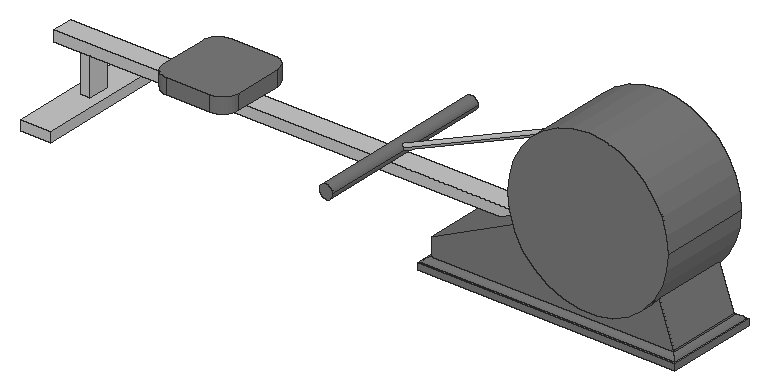
Revit family "Тренажер гребной", category Оборудование, Revit 2017
Family settings
  Размер круглого соединителя = Использовать диаметр
  Тип детали = Нормальный
  На основе рабочей плоскости = Нет
  Всегда вертикально = Да
  При загрузке вырезать с полостями = Нет
  Общий = Нет
  Точка расчета площади = Нет
Parameters (values of type "Гребной тренажер")
  Примечание = ""
  Позиция = ""
  Обозначение = "ROW GX"
  Наименование = "Гребной тренажер"
  Масса = "80"
  Код оборудования = ""
  Keynote = ""
  Изготовитель = "Severin"
  Зона безопасности [instance] = yes
  Завод = "Life Fitness"
  Единицы = "шт."
  Длина = 2420.0 mm
  Группа модели = "ТХ"
  Глубина = 675.0 mm
  Высота = 675.0 mm
Types (2, lengths in mm): name | Обозначение | Наименование | Масса | Код оборудования | Изготовитель | Завод | Длина | Глубина | Высота
  Гребной тренажер | "ROW GX" | "Гребной тренажер" | "80" | "" | "Severin" | "Life Fitness" | 2420.0 | 675.0 | 675.0
  Тип | "-" | "Куб" | "1" | "-" | 0.0 | "-" | 200.0 | 300.0 | 100.0
Reference planes
  plane 1 "По центру (Вперед/Назад)": y = 0
  plane 2: z = 0
  plane 3 "По центру (Влево/Вправо)": x = 0
Forms (mm)
  Extrusion 1, solid, material "Casing"
    sketch origin (-200, 0, 0) x (1, 0, 0) y (0, 0, 1)
      loop
        circle (1091.823, 375.762) r 300
    from -170.005 to 165.675
  Extrusion 2, solid, material "Casing"
    sketch origin (-200, 0, 0) x (1, 0, 0) y (0, 0, 1)
      loop
        line (1389.052, 41.869) -> (1326.613, 223.205)
        arc (1326.613, 223.205) -> (1062.76, 97.274) -> (830.594, 274.969) r 280
        line (830.594, 274.969) -> (489.052, 108.388) -> (489.052, 8.388) -> (1389.052, 8.388) -> (1389.052, 41.869)
    from -139.694 to 139.694
  Sweep 3, solid, material "Casing"
    path origin (-200, 0, 0) x (1, 0, 0) y (0, 1, 0)
      loop
        line (489.052, -139.694) -> (1389.052, -139.694) -> (1389.052, 139.694) -> (489.052, 139.694) -> (489.052, -139.694)
    profile origin (289.052, 0, 0) x (-1, 0, 0) y (0, 0, 1)
      loop
        line (0, 0) -> (30.311, 0) -> (30.311, 22.5) -> (25.981, 25)
        arc (25.981, 25) -> (15.338, 36.566) -> (0, 40) r 26.307
        line (0, 40) -> (0, 0)
  Extrusion 4, solid, material "Slider"
    sketch origin (-200, 0, 0) x (1, 0, 0) y (0, 0, 1)
      loop
        line (799.823, 191.678) -> (799.823, 229.678) -> (-1000.177, 229.678) -> (-1000.177, 191.678) -> (799.823, 191.678)
    from -39.238 to 39.238
  Extrusion 5, solid, material "Casing"
    sketch origin (-200, 0, 0) x (1, 0, 0) y (0, 1, 0)
      loop
        line (-490.917, -150) -> (-330.917, -150)
        arc (-330.917, -150) -> (-288.49, -132.426) -> (-270.917, -90) r 60
        line (-270.917, -90) -> (-270.917, 90)
        arc (-270.917, 90) -> (-288.49, 132.426) -> (-330.917, 150) r 60
        line (-330.917, 150) -> (-490.917, 150)
        arc (-490.917, 150) -> (-533.343, 132.426) -> (-550.917, 90) r 60
        line (-550.917, 90) -> (-550.917, -90)
        arc (-550.917, -90) -> (-533.343, -132.426) -> (-490.917, -150) r 60
    from 241.117 to 296.809
  Extrusion 6, solid, material "Casing"
    sketch origin (-200, 0, 0) x (1, 0, 0) y (0, 0, 1)
      loop
        line (-490.917, 241.117) -> (-465.051, 188.465) -> (-340.605, 188.465) -> (-314.739, 241.117) -> (-490.917, 241.117)
    from -44.95 to 44.272
  Extrusion 7, solid, material "Slider"
    sketch origin (-200, 0, 0) x (1, 0, 0) y (0, 0, 1)
      loop
        line (-900, 191.678) -> (-900, 51.678) -> (-865, 51.678) -> (-865, 191.678) -> (-900, 191.678)
    from -39.238 to 39.238
  Extrusion 8, solid, material "Slider"
    sketch origin (-200, 0, 0) x (1, 0, 0) y (0, 0, 1)
      loop
        line (-943.537, 15) -> (-828.537, 15) -> (-828.537, 50) -> (-943.537, 50) -> (-943.537, 15)
    from -267.098 to 267.098
  Extrusion 9, solid, material "Casing"
    sketch origin (-200, 0, 0) x (1, 0, 0) y (0, 0, 1)
      loop
        circle (252.783, 261.808) r 25
    from -337.317 to 337.317
  Extrusion 10, solid, material "Slider"
    sketch origin (-64.504, 0, -77.008) x (0, 1, 0) y (-0.406737, 0, 0.913545)
      loop
        circle (0, 261.518) r 10
    from 268.755 to 952.232
Lines and regions (mm)
  symbolic lines, style "MechanicalEquipmentHiddenLines", visible <- "Зона безопасности", detail levels coarse+medium
    curve 1: line (-1250, 900, 0) -> (1250, 900, 0)
    curve 2: line (-1250, -900, 0) -> (-1250, 900, 0)
    curve 3: line (1250, -900, 0) -> (-1250, -900, 0)
    curve 4: line (1250, 900, 0) -> (1250, -900, 0)
Dimensions and locks
  locked: Extrusion 4 to Sweep 3 at 2419.54
  aligned and locked: level to plane 2
